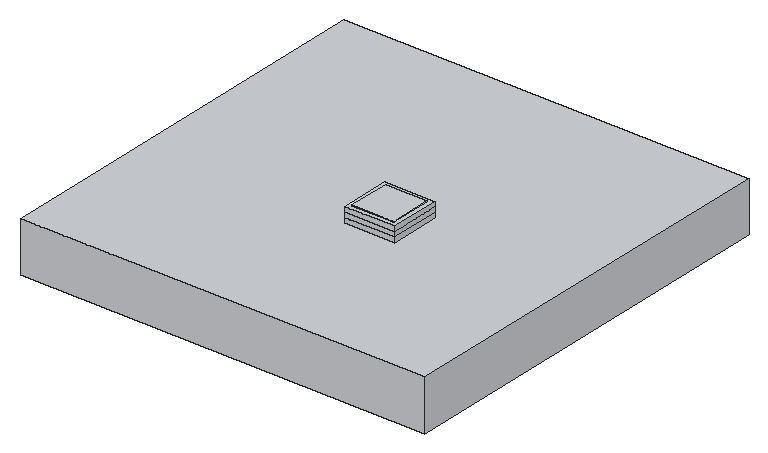
Revit family "PRIAM + PRIAM LED CARRE ", category Luminaires, Revit 2021
Family settings
  Hôte = Face
  Cote de connecteur circulaire = Utiliser le diamètre
  Type d'élément = Normal
  Couper avec des vides une fois chargée = Oui
  Source d'éclairage = Oui
  Partagée = Non
  Point de calcul de pièce = Oui
Parameters (values of type "946701 + 931037")
  rayon = 150 mm  # constant formula
  nbr poles = 1  # constant formula
  longueur = 300 mm  # constant formula
  largeur = 300 mm  # constant formula
  indice de charge = Eclairage
  hauteur diffuseur = 5 mm  # constant formula
  epaisseur = 30 mm  # constant formula
  diametre diffuseur = 250 mm  # constant formula
  Tension = 230 V  # constant formula
  built-in parameter 1150107 = 3000 (stored number, unit not read)
  Wattage = 13 W
  built-in parameter 1150110 = 1 (stored number, unit not read)
  built-in parameter 1150109 = 1 (stored number, unit not read)
  built-in parameter 1114218 = 1 (stored number, unit not read)
  built-in parameter 1150113 = 1 (stored number, unit not read)
  built-in parameter 1150112 = 1 (stored number, unit not read)
  built-in parameter 1150137 = (empty or 0)
  built-in parameter 1150132 = (empty or 0)
  Modèle = "PRIAM CARRE ø300"
  built-in parameter 1150105 = 121.04 (stored number, unit not read)
  built-in parameter 1150102 = (empty or 0)
  Type Image = (empty or 0)
  IP = "IP 54"  # constant formula
  IK = "IK 10"  # constant formula
  Gradation des changements de température de couleur de lampe = <Aucun>
  Garantie = "5 ans"
  Lumens = 1521 lm
  Color Filter = 16777215
  Fichier de distribution photométrique = "PRIAM_946701_LD.ies"
  built-in parameter 1114217 = 1 (stored number, unit not read)
  built-in parameter 1150139 = (empty or 0)
  Fabricant = "Resistex"  # constant formula
  Emit from Rectangle Length = 1219.2 mm
  Emit from Rectangle Width = 609.6 mm
  Emettre la visibilité des formes dans le rendu = no
  Default Elevation = 1219.2 mm
  built-in parameter 1150104 = 10.87 (stored number, unit not read)
  built-in parameter 1150106 = 1.2104 (stored number, unit not read)
  built-in parameter 1150115 = 1 (stored number, unit not read)
  built-in parameter 1150114 = 1 (stored number, unit not read)
  Description = "Hublot en fonte d'alu avec éclairage direct et halo lumineux périphérique\r\nHublot aluminium équipé de deux douilles E27\r\nCouleur : Blanc\r\nIP 54, IK 10\r\nVis antivandale\r\nLarg. 300mm x Long. 300mm x Haut. 90mm\r\nDiffuseur Polycarbonate Direct/Indirect Opalescent, Corps en Aluminium\r\nIRC >80\r\nGarantie 2 ans\r\nIndice de réparabilité 9,1"
  built-in parameter 1150138 = (empty or 0)
  built-in parameter 1150134 = (empty or 0)
  Commentaires relatifs à la puissance = "13"
  Commentaires du type = "https://www.resistex-sa.com/fr/priam-ca-2xe27-ant-295.html"
  Apparent Load = 26 VA
  Tilt Angle = 60.00°
  built-in parameter 1150133 = 10 (stored number, unit not read)
Types (13, lengths in mm): name | built-in parameter 1150107 | Wattage | Modèle | built-in parameter 1150105 | Lumens | Fichier de distribution photométrique | built-in parameter 1150104 | built-in parameter 1150106 | Description | built-in parameter 1150134 | Commentaires relatifs à la puissance | Commentaires du type | Apparent Load
  (no name) | 3000 (stored number, unit not read) | 13 W | "PRIAM CARRE ø300" | 121.04 (stored number, unit not read) | 1521 lm | "PRIAM_946701_LD.ies" | 10.87 (stored number, unit not read) | 1.2104 (stored number, unit not read) | "Hublot en fonte d'alu avec éclairage direct et halo lumineux périphérique\r\nHublot aluminium équipé de deux douilles E27\r\nCouleur : Blanc\r\nIP 54, IK 10\r\nVis antivandale\r\nLarg. 300mm x Long. 300mm x Haut. 90mm\r\nDiffuseur Polycarbonate Direct/Indirect Opalescent, Corps en Aluminium\r\nIRC >80\r\nGarantie 2 ans\r\nIndice de réparabilité 9,1" | (empty or 0) | "13" | "https://www.resistex-sa.com/fr/priam-ca-2xe27-ant-295.html" | 26 VA
  946720 | 3000 (stored number, unit not read) | 20.3 W | "PRIAM LED CARRE ø300" | 3877 (stored number, unit not read) | 48720 lm | "PRIAMLED_946720_LD.ies" | 222.97 (stored number, unit not read) | 38.77 (stored number, unit not read) | "Hublot équipé dune platine LED SMD Tridonic\r\nCouleur : Blanc\r\nIP 54, IK 10\r\nVis antivandale\r\nLarg. 300mm x Long. 300mm x Haut. 90mm\r\nFlux restitué 2400lm\r\nConso. système 20.3W\r\nEfficacité lumineuse produit complet 118.2lm/W\r\nLM80 L90F10 > 50000h (Ta25°C)\r\nSVM <0.9\r\nPstLM <1\r\nDiffuseur Polycarbonate Direct/Indirect Opalescent, Corps en Aluminium moulé sous pression\r\nIRC 85\r\nGarantie 5 ans\r\nEmpreinte carbone 1.82gCO2/h\r\nIndice de réparabilité 8,7" | (empty or 0) | "20.3" | "https://www.resistex-sa.com/fr/priam-led-ca-2400lm-bl-3000k-819.html" | 21.14 VA
  946725 | 3000 (stored number, unit not read) | 20.3 W | "PRIAM LED CARRE ø300" | 3877 (stored number, unit not read) | 48720 lm | "PRIAMLED_946725_LD.ies" | 222.97 (stored number, unit not read) | 38.77 (stored number, unit not read) | "Hublot équipé dune platine LED SMD Tridonic\r\nCouleur : Blanc\r\nIP 54, IK 10\r\nVis antivandale\r\nLarg. 300mm x Long. 300mm x Haut. 90mm\r\nFlux restitué 2400lm\r\nConso. système 20.3W\r\nEfficacité lumineuse produit complet 118.2lm/W\r\nLM80 L90F10 > 50000h (Ta25°C)\r\nSVM <0.9\r\nPstLM <1\r\nDiffuseur Polycarbonate Direct/Indirect Opalescent, Corps en Aluminium moulé sous pression\r\nIRC 85\r\nGarantie 5 ans\r\nEmpreinte carbone 1.82gCO2/h\r\nIndice de réparabilité 8,7" | (empty or 0) | "20.3" | "https://www.resistex-sa.com/fr/priam-led-ca-2400lm-ant-3000k-917.html" | 21.14 VA
  946705 | 4000 (stored number, unit not read) | 20.3 W | "PRIAM LED CARRE ø300" | 4082.2 (stored number, unit not read) | 51298.1 lm | "PRIAMLED_946705_LD.ies" | 234.77 (stored number, unit not read) | 40.822 (stored number, unit not read) | "Hublot équipé dune platine LED SMD Tridonic\r\nCouleur : Blanc\r\nIP 54, IK 10\r\nVis antivandale\r\nLarg. 300mm x Long. 300mm x Haut. 90mm\r\nFlux restitué 2400lm\r\nConso. système 20.3W\r\nEfficacité lumineuse produit complet 118.2lm/W\r\nLM80 L90F10 > 50000h (Ta25°C)\r\nSVM <0.9\r\nPstLM <1\r\nDiffuseur Polycarbonate Direct/Indirect Opalescent, Corps en Aluminium moulé sous pression\r\nIRC 85\r\nGarantie 5 ans\r\nEmpreinte carbone 1.82gCO2/h\r\nIndice de réparabilité 8,7" | 12 | "20.3" | "https://www.resistex-sa.com/fr/priam-led-ca-2527lm-ant-4000k-299.html" | 21.14 VA
  946712 | 4000 (stored number, unit not read) | 20.3 W | "PRIAM LED CARRE ø300" | 4082.2 (stored number, unit not read) | 51298.1 lm | "PRIAMLED_946712_LD.ies" | 234.77 (stored number, unit not read) | 40.822 (stored number, unit not read) | "Hublot équipé dune platine LED SMD Tridonic\r\nCouleur : Blanc\r\nIP 54, IK 10\r\nVis antivandale\r\nLarg. 300mm x Long. 300mm x Haut. 90mm\r\nFlux restitué 2400lm\r\nConso. système 20.3W\r\nEfficacité lumineuse produit complet 118.2lm/W\r\nLM80 L90F10 > 50000h (Ta25°C)\r\nSVM <0.9\r\nPstLM <1\r\nDiffuseur Polycarbonate Direct/Indirect Opalescent, Corps en Aluminium moulé sous pression\r\nIRC 85\r\nGarantie 5 ans\r\nEmpreinte carbone 1.82gCO2/h\r\nIndice de réparabilité 8,7" | 12 | "20.3" | "https://www.resistex-sa.com/fr/priam-led-ca-2527lm-bl-4000k-378.html" | 21.14 VA
  946731 | 3000 (stored number, unit not read) | 21.3 W | "PRIAM LED CARRE DETEC ø300" | 4068 (stored number, unit not read) | 51120 lm | "PRIAMLED_946731_LD.ies" | 222.97 (stored number, unit not read) | 40.68 (stored number, unit not read) | "Hublot équipé dune platine LED SMD Tridonic\r\nCouleur : Blanc\r\nIP 54, IK 10\r\nVis antivandale\r\nLarg. 300mm x Long. 300mm x Haut. 90mm\r\nFlux restitué 2400lm\r\nConso. système 20.3W\r\nEfficacité lumineuse produit complet 118.2lm/W\r\nLM80 L90F10 > 50000h (Ta25°C)\r\nSVM <0.9\r\nPstLM <1\r\nDiffuseur Polycarbonate Direct/Indirect Opalescent, Corps en Aluminium moulé sous pression\r\nIRC 85\r\nGarantie 5 ans\r\nEmpreinte carbone 1.82gCO2/h\r\nIndice de réparabilité 8,7" | (empty or 0) | "21.3" | "https://www.resistex-sa.com/fr/priam-led-ca-2400lm-hf-bl-3000k-922.html" | 22.18 VA
  946723 | 3000 (stored number, unit not read) | 21.3 W | "PRIAM LED CARRE DETEC ø300" | 4068 (stored number, unit not read) | 51120 lm | "PRIAMLED_946723_LD.ies" | 222.97 (stored number, unit not read) | 40.68 (stored number, unit not read) | "Hublot équipé dune platine LED SMD Tridonic\r\nCouleur : Blanc\r\nIP 54, IK 10\r\nVis antivandale\r\nLarg. 300mm x Long. 300mm x Haut. 90mm\r\nFlux restitué 2400lm\r\nConso. système 20.3W\r\nEfficacité lumineuse produit complet 118.2lm/W\r\nLM80 L90F10 > 50000h (Ta25°C)\r\nSVM <0.9\r\nPstLM <1\r\nDiffuseur Polycarbonate Direct/Indirect Opalescent, Corps en Aluminium moulé sous pression\r\nIRC 85\r\nGarantie 5 ans\r\nEmpreinte carbone 1.82gCO2/h\r\nIndice de réparabilité 8,7" | (empty or 0) | "21.3" | "https://www.resistex-sa.com/fr/priam-led-ca-2400lm-hf-bl-3000k-922.html" | 22.18 VA
  946717 | 4000 (stored number, unit not read) | 21.3 W | "PRIAM LED CARRE DETEC ø300" | 4283.3 (stored number, unit not read) | 53825.1 lm | "PRIAMLED_946717_LD.ies" | 234.77 (stored number, unit not read) | 42.833 (stored number, unit not read) | "Hublot équipé dune platine LED SMD Tridonic\r\nCouleur : Blanc\r\nIP 54, IK 10\r\nVis antivandale\r\nLarg. 300mm x Long. 300mm x Haut. 90mm\r\nFlux restitué 2400lm\r\nConso. système 20.3W\r\nEfficacité lumineuse produit complet 118.2lm/W\r\nLM80 L90F10 > 50000h (Ta25°C)\r\nSVM <0.9\r\nPstLM <1\r\nDiffuseur Polycarbonate Direct/Indirect Opalescent, Corps en Aluminium moulé sous pression\r\nIRC 85\r\nGarantie 5 ans\r\nEmpreinte carbone 1.82gCO2/h\r\nIndice de réparabilité 8,7" | 12 | "21.3" | "https://www.resistex-sa.com/fr/priam-led-ca-2527lm-hf-bl-4000k-382.html" | 22.18 VA
  946706 | 4000 (stored number, unit not read) | 21.3 W | "PRIAM LED CARRE DETEC ø300" | 4283.3 (stored number, unit not read) | 53825.1 lm | "PRIAMLED_946706_LD.ies" | 234.77 (stored number, unit not read) | 42.833 (stored number, unit not read) | "Hublot équipé dune platine LED SMD Tridonic\r\nCouleur : Blanc\r\nIP 54, IK 10\r\nVis antivandale\r\nLarg. 300mm x Long. 300mm x Haut. 90mm\r\nFlux restitué 2400lm\r\nConso. système 20.3W\r\nEfficacité lumineuse produit complet 118.2lm/W\r\nLM80 L90F10 > 50000h (Ta25°C)\r\nSVM <0.9\r\nPstLM <1\r\nDiffuseur Polycarbonate Direct/Indirect Opalescent, Corps en Aluminium moulé sous pression\r\nIRC 85\r\nGarantie 5 ans\r\nEmpreinte carbone 1.82gCO2/h\r\nIndice de réparabilité 8,7" | 12 | "21.3" | "https://www.resistex-sa.com/fr/priam-led-ca-2527lm-hf-ant-4000k-300.html" | 22.18 VA
  946742 + 931037 | 3000 (stored number, unit not read) | 13 W | "PRIAM CARRE ø300" | 121.04 (stored number, unit not read) | 1521 lm | "PRIAM_946742_LD.ies" | 10.87 (stored number, unit not read) | 1.2104 (stored number, unit not read) | "Hublot en fonte d'alu avec éclairage direct et halo lumineux périphérique\r\nHublot aluminium équipé de deux douilles E27\r\nCouleur : Blanc\r\nIP 54, IK 10\r\nVis antivandale\r\nLarg. 300mm x Long. 300mm x Haut. 90mm\r\nDiffuseur Polycarbonate Direct/Indirect Opalescent, Corps en Aluminium\r\nIRC >80\r\nGarantie 2 ans\r\nIndice de réparabilité 9,1" | (empty or 0) | "13" | "https://www.resistex-sa.com/fr/priam-ca-2xe27-bl-1216.html" | 26 VA
  946701 + 931037 | 3000 (stored number, unit not read) | 13 W | "PRIAM CARRE ø300" | 121.04 (stored number, unit not read) | 1521 lm | "PRIAM_946701_LD.ies" | 10.87 (stored number, unit not read) | 1.2104 (stored number, unit not read) | "Hublot en fonte d'alu avec éclairage direct et halo lumineux périphérique\r\nHublot aluminium équipé de deux douilles E27\r\nCouleur : Blanc\r\nIP 54, IK 10\r\nVis antivandale\r\nLarg. 300mm x Long. 300mm x Haut. 90mm\r\nDiffuseur Polycarbonate Direct/Indirect Opalescent, Corps en Aluminium\r\nIRC >80\r\nGarantie 2 ans\r\nIndice de réparabilité 9,1" | (empty or 0) | "13" | "https://www.resistex-sa.com/fr/priam-ca-2xe27-ant-295.html" | 26 VA
  946743 + 931037 | 3000 (stored number, unit not read) | 13 W | "PRIAM CARRE DETEC ø300" | 121.04 (stored number, unit not read) | 1521 lm | "PRIAM_946743_LD.ies" | 10.87 (stored number, unit not read) | 1.2104 (stored number, unit not read) | "Hublot en fonte d'alu avec éclairage direct et halo lumineux périphérique\r\nHublot aluminium équipé de deux douilles E27\r\nCouleur : Blanc\r\nIP 54, IK 10\r\nVis antivandale\r\nLarg. 300mm x Long. 300mm x Haut. 90mm\r\nDiffuseur Polycarbonate Direct/Indirect Opalescent, Corps en Aluminium\r\nIRC >80\r\nGarantie 2 ans\r\nIndice de réparabilité 9,1" | (empty or 0) | "13" | "https://www.resistex-sa.com/fr/priam-ca-2xe27-hf-anthra-1410.html" | 26 VA
  946741 + 931037 | 3000 (stored number, unit not read) | 13 W | "PRIAM CARRE DETEC ø300" | 121.04 (stored number, unit not read) | 1521 lm | "PRIAM_946741_LD.ies" | 10.87 (stored number, unit not read) | 1.2104 (stored number, unit not read) | "Hublot en fonte d'alu avec éclairage direct et halo lumineux périphérique\r\nHublot aluminium équipé de deux douilles E27\r\nCouleur : Blanc\r\nIP 54, IK 10\r\nVis antivandale\r\nLarg. 300mm x Long. 300mm x Haut. 90mm\r\nDiffuseur Polycarbonate Direct/Indirect Opalescent, Corps en Aluminium\r\nIRC >80\r\nGarantie 2 ans\r\nIndice de réparabilité 9,1" | (empty or 0) | "13" | "https://www.resistex-sa.com/fr/priam-ca-2xe27-hf-bl-1215.html" | 26 VA
Reference planes
  plane 1 "Centre (avant/arrière)": y = 0
  plane 2: z = 0
  plane 3 "Centre (gauche/droite)": x = 0
  plane 4: x = 151.215
  plane 5: x = 302.429
  plane 6: y = -300
  plane 7: y = -150
  plane 8 "niv 1": z = 30
  plane 9 "niv2": z = 60
  plane 10 "niv3": z = 90
  plane 11: x = 26.215
  plane 12: x = 276.215
  plane 13 "niv4": z = 95
  plane 14: y = -275
  plane 15: y = -25
Forms (mm)
  Extrusion 1, solid
    sketch origin (0, 0, 0) x (1, 0, 0) y (0, 1, 0)
      loop
        line (-1219.2, 1219.2) -> (-1219.2, -1219.2) -> (1219.2, -1219.2) -> (1219.2, 1219.2) -> (-1219.2, 1219.2)
    from 0 to -304.8
  Extrusion 2, solid
    sketch origin (0, 0, 0) x (0, 1, 0) y (0, 0, 1)
      loop
        line (-300, 30) -> (-300, 0) -> (0, 0) -> (0, 30) -> (-300, 30)
    from 0 to 302.429
  Extrusion 3, solid
    sketch origin (0, 0, 30) x (-1, 0, 0) y (0, -1, 0)
      loop
        line (0, 0) -> (0, 300) -> (-302.429, 300) -> (-302.429, 0) -> (0, 0)
    from 0 to 30
  Extrusion 4, solid
    sketch origin (0, 0, 60) x (-1, 0, 0) y (0, -1, 0)
      loop
        line (0, 0) -> (0, 300) -> (-302.429, 300) -> (-302.429, 0) -> (0, 0)
    from 0 to 30
  Extrusion 5, solid
    sketch origin (0, 0, 90) x (-1, 0, 0) y (0, -1, 0)
      loop
        line (-26.215, 25) -> (-26.215, 275) -> (-276.215, 275) -> (-276.215, 25) -> (-26.215, 25)
    from 0 to 5 <- "hauteur diffuseur"
Dimensions and locks
  equal spacing: plane 3 "Centre (gauche/droite)", plane 4, plane 5
  plane 4 to plane 5 = 151.215 mm
  equal spacing: plane 6, plane 7, plane 1 "Centre (avant/arrière)"
  "rayon": plane 7 to plane 6
  "epaisseur": plane 8 "niv 1" to Extrusion 1
  "epaisseur": plane 9 "niv2" to plane 8 "niv 1"
  "epaisseur": plane 10 "niv3" to plane 9 "niv2"
  "diametre diffuseur": plane 12 to plane 11
  equal spacing: plane 12, plane 4, plane 11
  "hauteur diffuseur": plane 13 "niv4" to plane 10 "niv3"
  equal spacing: plane 14, plane 7, plane 15
  "diametre diffuseur": plane 14 to plane 15
  aligned and locked: plane 2 to Extrusion 1
  aligned and locked: level to Extrusion 1
  aligned and locked: Extrusion 2 sketch curve to plane 8 "niv 1"
  aligned and locked: plane 6 to Extrusion 2 sketch curve
  aligned and locked: Extrusion 1 to Extrusion 2 sketch curve
  aligned and locked: plane 1 "Centre (avant/arrière)" to Extrusion 2 sketch curve
  aligned and locked: plane 5 to Extrusion 2
  aligned and locked: Extrusion 3 sketch curve to Extrusion 2  (x4)
  aligned and locked: Extrusion 4 sketch curve to Extrusion 2  (x4)
  aligned and locked: plane 15 to Extrusion 5 sketch curve
  aligned and locked: plane 11 to Extrusion 5 sketch curve
  aligned and locked: plane 14 to Extrusion 5 sketch curve
  aligned and locked: plane 12 to Extrusion 5 sketch curve
Automatic sketch dimensions
  Extrusion 1 sketch curve to Extrusion 1 sketch curve = 2438.4 mm  (x2)
Connectors
  electrical at (151.215, -150, 0), driven by "Tension", driven by "Apparent Load", driven by "nbr poles", driven by "Apparent Load", driven by "indice de charge"
    settings: on Extrusion 2, index 1, voltage 230 V, apparent load 0 VA, apparent load phase1 26 VA, apparent load phase2 26 VA, apparent load phase3 0 VA, power factor 1, load classification "Eclairage", number of poles 1, system type 31, power factor state 1, is connector primary yes, connector utility no, sub classification motor no, connector description ""
